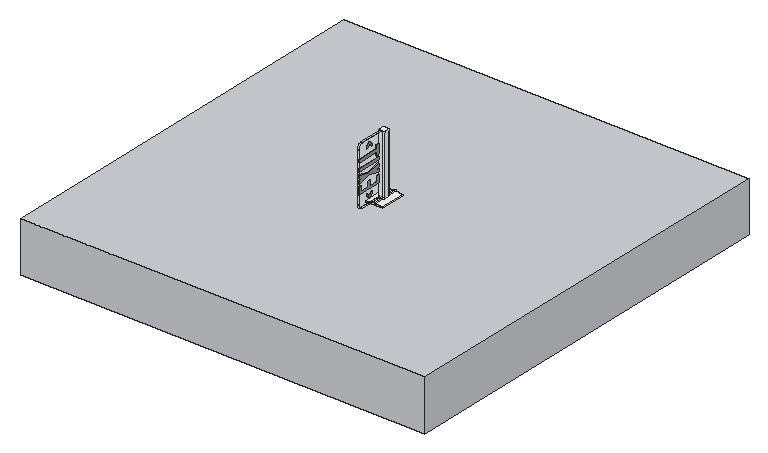
Revit family "LES_E", category Lighting Fixtures, host Face, Revit 2021
Family settings
  Host = Face
  Round Connector Dimension = Use Diameter
  Part Type = Normal
  OmniClass Number = 23.80.70.11.21
  OmniClass Title = Emergency Lighting
  Cut with Voids When Loaded = No
  Light Source = Yes
  Shared = No
  Room Calculation Point = No
Parameters (values of type "LES-E")
  Wattage Comments = "2.2-5 W"
  Wattage = 5 W
  built-in parameter 1150110 = 1 (stored number, unit not read)
  URL = "https://www.currentlighting.com/lifeshield"
  built-in parameter 1114217 = 1 (stored number, unit not read)
  built-in parameter 1150109 = 1 (stored number, unit not read)
  built-in parameter 1150134 = 3
  built-in parameter 1150113 = 1 (stored number, unit not read)
  Product Page URL = ""
  Product Documentation Link = ""
  Mounting = "End Mount"  # constant formula
  Model = "LES"  # constant formula
  Manufacturer Phone = ""
  Manufacturer Fax = ""
  Manufacturer = "Lifeshield"  # constant formula
  built-in parameter 1150105 = 59.103 (stored number, unit not read)
  Lumens = 742.71 lm
  built-in parameter 1150115 = 1 (stored number, unit not read)
  Light Source Symbol Size = 0.250"
  built-in parameter 1150137 = (empty or 0)
  built-in parameter 1150139 = (empty or 0)
  Lettering = Red
  built-in parameter 1150112 = 1 (stored number, unit not read)
  built-in parameter 1150114 = 1 (stored number, unit not read)
  Lamp = "LED"  # constant formula
  built-in parameter 1150132 = (empty or 0)
  built-in parameter 1150102 = (empty or 0)
  built-in parameter 1150107 = 3200 (stored number, unit not read)
  built-in parameter 1150138 = (empty or 0)
  built-in parameter 1150106 = 0.59103 (stored number, unit not read)
  Glass = Glass
  Family = "Emergency Lighting"  # constant formula
  Emit from Line Length = 13.000"
  built-in parameter 1150104 = 13.8 (stored number, unit not read)
  Dimming Lamp Color Temperature Shift = <None>
  Description = "Recessed Mounting Architectural Edge-Lit LED Exit Signs"  # constant formula
  Default Elevation = 48.000"
  Color Filter = 16777215
  built-in parameter 1114218 = 1 (stored number, unit not read)
  Backbox = White
  built-in parameter 1150133 = 10 (stored number, unit not read)
Reference planes (in)
  plane 1 "Center (Front/Back)": y = 0.03999
  plane 2: z = 0.06357
  plane 3 "Center (Left/Right)": x = 0
  plane 4: x = -8.375
  plane 5: x = 8.375
  plane 6: z = 7.56357
  plane 7: x = -7
  plane 8: x = 7
  plane 9: z = 0.57048
  plane 10: y = -4.00905
  plane 11: y = -4.00905
  plane 12: x = 0.30306
  plane 13: z = 14.82802
Forms (in)
  Extrusion 1, solid
    sketch origin (0, 0, 0.06357) x (1, 0, 0) y (0, 1, 0)
      loop
        line (-48, 48) -> (-48, -48) -> (48, -48) -> (48, 48) -> (-48, 48)
    from 0 to -12
  Extrusion 2, solid, material "White" <- "Backbox"
    sketch origin (0.41886, 0.05515, 7.82802) x (1, 0, 0) y (0, 1, 0)
      loop
        arc (0.22676, 0.4929) -> (0.16818, 0.63433) -> (0.02676, 0.6929) r 0.2
        line (0.02676, 0.6929) -> (-0.94824, 0.6929)
        arc (-0.94824, 0.6929) -> (-1.08966, 0.63433) -> (-1.14824, 0.4929) r 0.2
        line (-1.14824, 0.4929) -> (-1.14824, -0.72493)
        arc (-1.14824, -0.72493) -> (-1.08966, -0.86635) -> (-0.94824, -0.92493) r 0.2
        line (-0.94824, -0.92493) -> (0.02676, -0.92493)
        arc (0.02676, -0.92493) -> (0.16818, -0.86635) -> (0.22676, -0.72493) r 0.2
        line (0.22676, -0.72493) -> (0.22676, 0.4929)
    from -7.25754 to 7
  Extrusion 3, solid, material "Glass" <- "Glass"
    sketch origin (-0.04188, -7.90395, 7.82802) x (0, 0, -1) y (0, -1, 0)
      loop
        line (-7, -7.152) -> (7, -7.152) -> (7, -1.37754)
        arc (7, -1.37754) -> (6.67609, -0.59556) -> (5.89411, -0.27165) r 1.10589
        arc (5.89411, -0.27165) -> (0, -0.04018) -> (-5.89411, -0.27165) r 75.15963
        arc (-5.89411, -0.27165) -> (-6.67609, -0.59556) -> (-7, -1.37754) r 1.10589
        line (-7, -1.37754) -> (-7, -7.152)
    from 0.25 to -0.25
  Extrusion 4, solid, material "Red" <- "Lettering"
    sketch origin (-0.06692, -9.0572, 7.85241) x (0, 0, -1) y (0, -1, 0)
      loop
        line (3.5363, -7.32353) -> (2.35428, -7.32353) -> (2.35428, -7.82353) -> (4.0363, -7.82353) -> (4.0363, -4.92704) -> (4.0363, -2.03056) -> (2.35428, -2.03056) -> (2.35428, -2.53056) -> (3.5363, -2.53056) -> (3.5363, -4.61247) -> (2.35428, -4.61247) -> (2.35428, -4.92704) -> (2.35428, -5.24161) -> (3.5363, -5.24161) -> (3.5363, -7.32353)
      loop
        line (1.75358, -7.82243) -> (1.08513, -4.92704) -> (1.75358, -2.03165) -> (1.09829, -2.03165) -> (0.81025, -2.82304) -> (0.52221, -2.03165) -> (-0.13308, -2.03165) -> (0.53537, -4.92704) -> (-0.13308, -7.82243) -> (0.52221, -7.82243) -> (0.81025, -7.03104) -> (1.09829, -7.82243) -> (1.75358, -7.82243)
      loop
        line (-0.89572, -7.82353) -> (-0.89572, -2.03165) -> (-1.49555, -2.03165) -> (-1.49555, -7.82353) -> (-0.89572, -7.82353)
      loop
        line (-2.87478, -7.16714) -> (-2.87478, -2.03056) -> (-3.47461, -2.03056) -> (-3.47461, -7.16714) -> (-4.34338, -7.16714) -> (-4.34338, -7.82243) -> (-2.09338, -7.82243) -> (-2.09338, -7.16714) -> (-2.87478, -7.16714)
    from 0.36997 to 0.22497
  Extrusion 5, solid, material "Red"
    sketch origin (0.01307, -0.98536, 8.05425) x (0, 0, -1) y (0, -1, 0)
      loop
        line (-4.97072, 3.79907) -> (-5.7461, 3.02369) -> (-4.97072, 2.24831) -> (-4.58478, 2.24831) -> (-5.36016, 3.02369) -> (-4.58478, 3.79907) -> (-4.97072, 3.79907)
      loop
        line (5.42318, 3.79907) -> (5.03724, 3.79907) -> (5.81262, 3.02369) -> (5.03724, 2.24831) -> (5.42318, 2.24831) -> (6.19856, 3.02369) -> (5.42318, 3.79907)
    from 0.44996 to 0.30495
  Extrusion 6, solid, material "White" <- "Backbox"
    sketch origin (0.03999, 0.00351, 0.10061) x (-1, 0, 0) y (0, 0, -1)
      loop
        line (2.03999, 0.03704) -> (-1.96001, 0.03704) -> (-1.96001, -0.17249) -> (-0.21001, -0.29486) -> (-0.21001, -0.46987) -> (0.28999, -0.46987) -> (0.28999, -0.29713) -> (2.03999, -0.17476) -> (2.03999, 0.03704)
    from -3.0625 to 3.0625
Dimensions and locks (in)
  locked: plane 4 to plane 3 "Center (Left/Right)" at 8.375
  locked: plane 5 to plane 3 "Center (Left/Right)" at 8.375
  plane 4 to plane 7 to plane 3 "Center (Left/Right)" = 1.375", 7.000"
  plane 5 to plane 8 to plane 3 "Center (Left/Right)" = 1.375", 7.000"
  locked: level to Extrusion 2 at 14.76445
  locked: Extrusion 3 to plane 1 "Center (Front/Back)" at 0.79194
  locked: Extrusion 3 to level at 0.76445
  plane 1 "Center (Front/Back)" to Extrusion 4 = 1.77367"
  locked: level to Extrusion 4 at 4.25253
  plane 1 "Center (Front/Back)" to Extrusion 5 = 4.82442"
  locked: plane 3 "Center (Left/Right)" to Extrusion 6 at 2
  locked: level to Extrusion 6 at 0.50691
  locked: Extrusion 6 sketch curve to Extrusion 6 sketch curve at 0.21128
  locked: Extrusion 6 sketch curve to Extrusion 6 sketch curve at 0.17458
  aligned and locked: plane 2 to Extrusion 1
  aligned and locked: Extrusion 4 sketch curve to Extrusion 4 sketch curve
  aligned and locked: Extrusion 5 sketch curve to plane 10  (x4)
  aligned and locked: plane 11 to Extrusion 5 sketch curve  (x4)
  aligned and locked: Extrusion 5 to Extrusion 3  (x2)
  aligned and locked: Extrusion 5 to Extrusion 4
  aligned and locked: Extrusion 4 to Extrusion 3
  aligned and locked: Extrusion 2 to plane 9
  aligned and locked: plane 13 to Extrusion 2
  aligned and locked: Extrusion 2 to Extrusion 6
  aligned and locked: Extrusion 6 to level
  aligned and locked: Extrusion 6 sketch curve to level
Connectors (in)
  electrical at (0, 0, 0.06357), driven by "Description"
    settings: index 1, voltage 0 V, apparent load 0 VA, apparent load phase1 0 VA, apparent load phase2 0 VA, apparent load phase3 0 VA, power factor 1, load classification "Other", number of poles 1, system type 30, power factor state 1, is connector primary yes, connector utility no, sub classification motor no, connector description "Recessed Mounting Architectural Edge-Lit LED Exit Signs"
